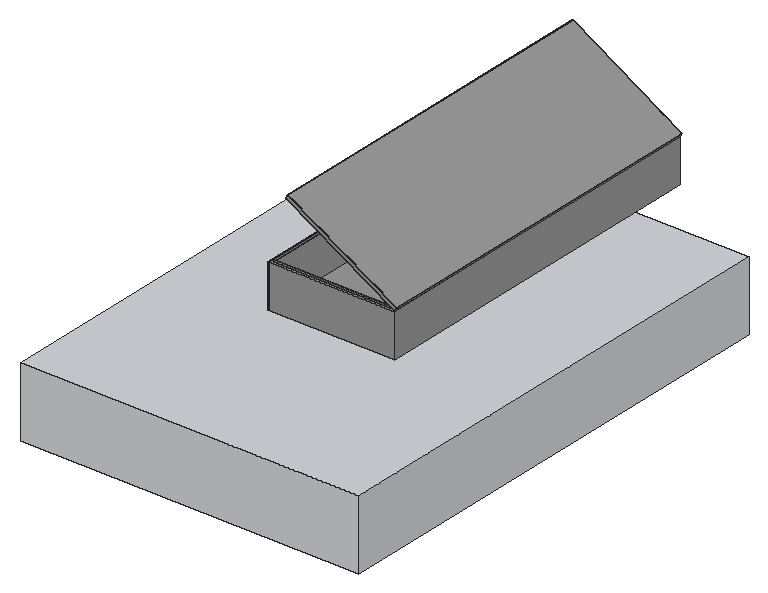
Revit family "Hager-Univers-IP54-D205-H1550-Cl.I-Encl-CH-de", category Equipement électrique, Revit 2020
Family settings
  Hôte = Face
  Configuration du panneau = Deux colonnes, circuits au sein
  Cote de connecteur circulaire = Utiliser le diamètre
  Type d'élément = Tableau de raccordement
  Couper avec des vides une fois chargée = Non
  Partagée = Non
  Point de calcul de pièce = Non
Parameters (values of type "Aufputz IP54 B550 H1550 T205  - FP02TW2")
  Width Control [instance] = if([EF000008 - Breite] > Min Width, [EF000008 - Breite], Min Width)  # 550 mm
  Commentaires du type = [HG000003 - Bereich]  # "Univers"
  Thickness Door [instance] = if([EF009171 - Materialstärke Tür/Deckel] > 3 mm, 3 mm, [EF009171 - Materialstärke Tür/Deckel])  # 1 mm
  Seal Frame Offset [instance] = 17 mm  # constant formula
  Plinth Visibility [instance] = [HG000027 - Sockelhöhe] > 0 mm  # no
  Model = ""
  Min Width [instance] = 100 mm  # constant formula
  Min Height [instance] = 100 mm  # constant formula
  Min Depth [instance] = (2 * [EF009170 - Materialstärke Gehäuse]) + 1 mm  # 3 mm
  Internal Frame Depth [instance] = (Door System Depth * 0.5)  # 9 mm
  Height Control [instance] = if([EF000040 - Höhe] > Min Height, [EF000040 - Höhe], Min Height)  # 1550 mm
  HG000027 - Sockelhöhe = 0 mm
  HG000026 - Stehend auf dem Boden = no
  HG000024 - Höhe des unteren Teils = 800 mm
  HG000023 - Gehäuse mit doppeltem Querschnitt = no
  HG000016 - 3D-Türsichtbarkeit [instance] = yes
  HG000015 - Sichtbarkeit der Türöffnung [instance] = no
  HG000014 - Tür rechts [instance] = yes
  HG000013 - Tür links [instance] = not([HG000014 - Tür rechts])  # no
  HG000012 - Türschwenkwinkel [instance] = 30.00°
  HG000010 - Asymmetrische Türen = no
  HG000009 - Doppelflügeligen Tür = no
  HG000006 - Unterputz = no
  HG000004 - Herstellerreferenz = "FP02TW2"
  HG000003 - Bereich = "Univers"
  HG000002 - Mit tür = yes
  Frame Offset Bottom [instance] = 10 mm  # constant formula
  Frame Offset [instance] = 15 mm  # constant formula
  EF015940 - Deckel mit Überdruckentlastung = no
  EF011959 - Schutzart (NEMA) = ""
  EF009554 - Anzahl der Öffnungen für Flanschplatten = 4
  Fabricant = "Hager"  # constant formula
  EF009212 - Ausführung Deckel = "EV000116 - geschlossen"
  EF009171 - Materialstärke Tür/Deckel = 1 mm
  EF009170 - Materialstärke Gehäuse = 1 mm
  EF008873 - Nennstrom (In) = 250 A
  EF007800 - Geeignet für Blitzschutz = no
  EF006306 - Mit Schloss = no
  EF006244 - Transparenter Deckel/Tür = no
  EF005474 - Schutzart (IP) = "EV006419 - IP54"
  EF004464 - Art der Tür = "EV002646 - Einzel"
  EF004427 - Anzahl der Module = 240
  EF004293 - Schlagfestigkeit = "EV006815 - IK09"
  EF003532 - Geeignet für Außengebrauch = no
  EF002950 - Breite in Teilungseinheiten = 24
  EF001613 - Funktionserhalt = "EV000494 - ohne"
  EF001596 - Werkstoff des Gehäuses = "EV000179 - Stahl"
  EF001131 - Innentiefe = 205 mm
  EF001088 - Anbaumöglichkeit = yes
  EF000437 - Anzahl der Leitungseinführungen = 4
  EF000339 - Art der Abdeckung = "EV001012 - Deckel"
  EF000266 - Anzahl der Reihen = 10
  EF000218 - Einbautiefe = 205 mm
  EF000118 - Mit Montageplatte = no
  EF000116 - RAL-Nummer = "9010"
  EF000049 - Tiefe = 205 mm
  EF000040 - Höhe = 1550 mm
  EF000008 - Breite = 550 mm
  EF000007 - Farbe = "EV000202 - weiß"
  EF000003 - Montageart = "EV000384 - Aufputz"
  Door System Leaf Tolerance [instance] = 1.5 mm  # constant formula
  Door System Depth [instance] = 18 mm  # constant formula
  Door Height [instance] = Height Control - [HG000027 - Sockelhöhe]  # 1550 mm
  Depth Control [instance] = if([EF000049 - Tiefe] > Min Depth, [EF000049 - Tiefe], Min Depth)  # 205 mm
  Default Elevation = 0 mm
  Connector Offset [instance] = Height Control / 2  # 775 mm
  Bottom Top Plate Trim [instance] = 1.5 mm  # constant formula
  Plinth height Ctrl [instance] = if([HG000027 - Sockelhöhe] > 0 mm, [HG000027 - Sockelhöhe], 12 mm)  # 12 mm
Types (2, lengths in mm): name | Width Control | HG000004 - Herstellerreferenz | EF009554 - Anzahl der Öffnungen für Flanschplatten | EF004427 - Anzahl der Module | EF002950 - Breite in Teilungseinheiten | EF000437 - Anzahl der Leitungseinführungen | EF000008 - Breite
  Aufputz IP54 B300 H1550 T205  - FP01TW2 | 300 | "FP01TW2" | 2 | 120 | 12 | 2 | 300
  Aufputz IP54 B550 H1550 T205  - FP02TW2 | 550 | "FP02TW2" | 4 | 240 | 24 | 4 | 550
Reference planes
  plane 1 "Center (Front/Back)": y = 0
  plane 2: z = 0
  plane 3 "Center (Left/Right)": x = 0
  plane 4: z = 205
  plane 5: y = 1
  plane 6: y = 775
  plane 7: y = 0
  plane 8: y = 1550
  plane 9: z = 0
  plane 10: x = -260
  plane 11: x = 260
  plane 12: x = 259
  plane 13: x = -259
  plane 14: y = 1549
  plane 15: x = -258
  plane 16: x = -275
  plane 17: x = 258
  plane 18: x = 275
  plane 19: x = 274
  plane 20: x = -274
  plane 21: y = 11
  plane 22: y = 1550
  plane 23: y = 1534
  plane 24: z = 187
  plane 25: z = 1
  plane 26: z = 186
  plane 27: z = 204
Forms (mm)
  Extrusion 1, solid
    sketch origin (0, 0, 0) x (1, 0, 0) y (0, 1, 0)
      loop
        line (-702.964, 1305) -> (-702.964, -811.445) -> (766.763, -811.445) -> (766.763, 1305) -> (-702.964, 1305)
    from 0 to -304.8
  Extrusion 2, solid, material "Hager_Steel_RAL7035_Light_Grey", visible <- "Plinth Visibility", detail levels medium+fine
    sketch origin (0, 0, 0) x (1, 0, 0) y (0, 1, 0)
      loop
        line (-275, 0) -> (275, 0) -> (275, 12) -> (-275, 12) -> (-275, 0)
    from 0 to 187
  Extrusion 3, solid, material "Hager_Steel_RAL7035_Light_Grey", detail levels medium+fine
    sketch origin (0, 0, 0) x (1, 0, 0) y (0, 1, 0)
      loop
        line (-275, 0) -> (275, 0) -> (275, 1550) -> (-275, 1550) -> (-275, 0)
    from 0 to 187
  Extrusion 4, void
    sketch origin (0, 0, 0) x (1, 0, 0) y (0, 1, 0)
      loop
        line (-274, 1) -> (274, 1) -> (274, 1549) -> (-274, 1549) -> (-274, 1)
    from 1 to 186
  Extrusion 5, void
    sketch origin (-381.607, -4572, 187) x (0, -1, 0) y (-1, 0, 0)
      loop
        line (-4583, -122.607) -> (-6106, -122.607) -> (-6106, -640.607) -> (-4583, -640.607) -> (-4583, -122.607)
    from 0 to 1 <- "EF009170 - Materialstärke Gehäuse"
  Extrusion 6, solid, material "Hager_Steel_RAL7035_Light_Grey", detail levels fine
    sketch origin (0, 0, 187) x (1, 0, 0) y (0, 1, 0)
      loop
        line (-259, 1534) -> (-259, 11) -> (259, 11) -> (259, 1534) -> (-259, 1534)
      loop
        line (-260, 10) -> (260, 10) -> (260, 1535) -> (-260, 1535) -> (-260, 10)
    from 0 to 9 <- "Internal Frame Depth"
  Extrusion 7, solid, material "Hager_Steel_RAL7035_Light_Grey", detail levels coarse
    sketch origin (0, 0, 0) x (1, 0, 0) y (0, 1, 0)
      loop
        line (-275, 0) -> (275, 0) -> (275, 1550) -> (-275, 1550) -> (-275, 0)
    from 0 to 205
  Sweep 8, void
    path in 3D
      loop
        line (-275, 12, 0) -> (275, 12, 0) -> (275, 12, 187) -> (-275, 12, 187) -> (-275, 12, 0)
    profile origin (-275, 12, 93.5) x (-1, 0, 0) y (0, -1, 0)
      loop
        line (0, 0) -> (0, 1.5) -> (-1.5, 1.5)
        arc (-1.5, 1.5) -> (-1.061, 0.439) -> (0, 0) r 1.5
Cuts and joins
  Extrusion 4, Extrusion 5 cuts Extrusion 3
  Sweep 8 cuts Extrusion 2
Lines and regions (mm)
  Masking region 1
    outline origin (0, 0, 0) x (1, 0, 0) y (0, 0, 1)
      loop
        line (-275, 205) -> (-275, 0) -> (275, 0) -> (275, 205) -> (-275, 205)
  Masking region 2, detail levels medium+fine
    outline origin (0, 140, 0) x (0, 1, 0) y (0, 0, 1)
      loop
        line (-140, 0) -> (1410, 0) -> (1410, 187) -> (-140, 187) -> (-140, 0)
  Masking region 3, not visible, detail levels medium+fine
    outline origin (0, 297.922, 0) x (0, 1, 0) y (0, 0, 1)
      loop
        line (488.578, 0) -> (528.578, 0) -> (528.578, 194)
        arc (528.578, 194) -> (525.649, 201.071) -> (518.578, 204) r 10
        line (518.578, 204) -> (488.578, 204) -> (488.578, 0)
  Masking region 4, detail levels coarse
    outline origin (0, 0, 180) x (0, 1, 0) y (0, 0, 1)
      loop
        line (0, -180) -> (1550, -180) -> (1550, 25) -> (0, 25) -> (0, -180)
  Masking region 5, visible <- "Plinth Visibility", detail levels medium+fine
    outline origin (0, 52.24, 12.345) x (0, 0, -1) y (0, 1, 0)
      loop
        line (10.845, -40.24) -> (-173.155, -40.24)
        arc (-173.155, -40.24) -> (-173.594, -41.301) -> (-174.655, -41.74) r 1.5
        line (-174.655, -41.74) -> (-174.655, -52.24) -> (12.345, -52.24) -> (12.345, -41.74)
        arc (12.345, -41.74) -> (11.285, -41.301) -> (10.845, -40.24) r 1.5
  Masking region 6, detail levels medium+fine
    outline origin (-381.607, -4572, 187) x (-1, 0, 0) y (0, -1, 0)
      loop
        line (-106.607, -6122) -> (-106.607, -4572) -> (-656.607, -4572) -> (-656.607, -6122) -> (-106.607, -6122)
  Masking region 7, visible <- "Plinth Visibility", detail levels medium+fine
    outline origin (-381.607, -4727, 187) x (-1, 0, 0) y (0, -1, 0)
      loop
        arc (-108.107, -4739) -> (-107.668, -4737.939) -> (-106.607, -4737.5) r 1.5
        line (-106.607, -4737.5) -> (-106.607, -4727) -> (-656.607, -4727) -> (-656.607, -4737.5)
        arc (-656.607, -4737.5) -> (-655.546, -4737.939) -> (-655.107, -4739) r 1.5
        line (-655.107, -4739) -> (-108.107, -4739)
  Masking region 8, detail levels coarse
    outline origin (-442.548, -4669.526, 187) x (-1, 0, 0) y (0, -1, 0)
      loop
        line (-167.548, -6219.526) -> (-167.548, -4669.526) -> (-717.548, -4669.526) -> (-717.548, -6219.526) -> (-167.548, -6219.526)
  sketch lines
    curve 1: line (-275, 12, 187) -> (-275, 12, 0)
    curve 2: line (275, 12, 187) -> (-275, 12, 187)
    curve 3: line (275, 12, 187) -> (275, 12, 0)
    curve 4: line (-275, 12, 0) -> (275, 12, 0)
Dimensions and locks
  "Depth Control": plane 4 to Extrusion 1
  "HG000027 - Sockelhöhe": plane 1 "Center (Front/Back)" to plane 7
  "EF009170 - Materialstärke Gehäuse": plane 5 to plane 7
  locked: connector elem to plane 3 "Center (Left/Right)"
  equal spacing: plane 8, plane 6, plane 7
  locked: connector elem to plane 6
  "EF009170 - Materialstärke Gehäuse": plane 8 to plane 14
  "EF009170 - Materialstärke Gehäuse": plane 10 to plane 13
  "EF009170 - Materialstärke Gehäuse": plane 12 to plane 11
  "Frame Offset": plane 20 to plane 13
  "Frame Offset": plane 12 to plane 19
  "EF009170 - Materialstärke Gehäuse": plane 16 to plane 20
  "EF009170 - Materialstärke Gehäuse": plane 19 to plane 18
  "Seal Frame Offset": plane 16 to plane 15
  "Seal Frame Offset": plane 17 to plane 18
  "Frame Offset Bottom": plane 21 to plane 5
  "Frame Offset": plane 14 to plane 23
  equal spacing: plane 16, plane 3 "Center (Left/Right)", plane 18
  "Width Control": plane 16 to plane 18
  "EF009170 - Materialstärke Gehäuse": plane 4 to plane 27
  "EF009170 - Materialstärke Gehäuse": plane 24 to plane 26
  "EF009170 - Materialstärke Gehäuse": plane 25 to level
  "Door System Depth": plane 4 to plane 24
  "Height Control": plane 1 "Center (Front/Back)" to Extrusion 7 sketch curve
  "Height Control": Masking region 4 sketch curve to plane 1 "Center (Front/Back)"
  "Height Control": plane 1 "Center (Front/Back)" to plane 22
  "Bottom Top Plate Trim": profile plane to Sweep 8 sketch curve
  "Bottom Top Plate Trim": Sweep 8 sketch curve to profile plane
  "Plinth height Ctrl": plane 1 "Center (Front/Back)" to Extrusion 2 sketch curve
  "Plinth height Ctrl": Masking region 5 sketch curve to plane 1 "Center (Front/Back)"
  "Plinth height Ctrl": plane 1 "Center (Front/Back)" to Masking region 7 sketch curve
  "Thickness Door": Extrusion 6 sketch curve to Extrusion 6 sketch curve  (x3)
  "Thickness Door": cut or joined group of Extrusion 3, Extrusion 4, Extrusion 5 to Extrusion 6 sketch curve
  radius of Masking region 3 sketch curve = 10 mm
  "Bottom Top Plate Trim": radius of Masking region 5 sketch curve  (x2)
  "Bottom Top Plate Trim": radius of Sweep 8 sketch curve
  "Bottom Top Plate Trim": radius of Masking region 7 sketch curve  (x2)
  aligned and locked: plane 2 to Extrusion 1
  aligned and locked: level to Extrusion 1
  aligned and locked: level to Masking region 1 sketch curve
  aligned and locked: Masking region 1 sketch curve to plane 18
  aligned and locked: Masking region 1 sketch curve to plane 16
  aligned and locked: plane 7 to Masking region 2 sketch curve
  aligned and locked: level to Masking region 3 sketch curve
  aligned and locked: Masking region 3 sketch curve to plane 27
  aligned and locked: level to Masking region 2 sketch curve
  aligned and locked: plane 1 "Center (Front/Back)" to Extrusion 2 sketch curve
  aligned and locked: Extrusion 3 sketch curve to plane 7
  aligned and locked: plane 16 to Extrusion 3 sketch curve
  aligned and locked: plane 18 to Extrusion 3 sketch curve
  aligned and locked: plane 20 to Extrusion 4 sketch curve
  aligned and locked: plane 19 to Extrusion 4 sketch curve
  aligned and locked: Extrusion 4 sketch curve to plane 5
  aligned and locked: Extrusion 4 to plane 25
  aligned and locked: plane 26 to Extrusion 4
  aligned and locked: plane 24 to Extrusion 3
  aligned and locked: Extrusion 5 sketch curve to plane 21
  aligned and locked: Extrusion 5 sketch curve to plane 13
  aligned and locked: Extrusion 5 sketch curve to plane 12
  aligned and locked: plane 18 to Extrusion 7 sketch curve
  aligned and locked: plane 1 "Center (Front/Back)" to Extrusion 7 sketch curve
  aligned and locked: plane 16 to Extrusion 7 sketch curve
  aligned and locked: plane 4 to Extrusion 7
  aligned and locked: Extrusion 7 to level
  aligned and locked: level to Masking region 4 sketch curve
  aligned and locked: Masking region 4 sketch curve to plane 1 "Center (Front/Back)"
  aligned and locked: Masking region 4 sketch curve to plane 4
  aligned and locked: nested 1 to level
  aligned and locked: nested 1 to plane 16
  aligned and locked: plane 8 to Extrusion 3 sketch curve
  aligned and locked: plane 23 to Extrusion 5 sketch curve
  aligned and locked: plane 14 to Extrusion 4 sketch curve
  aligned and locked: Masking region 2 sketch curve to plane 8
  aligned and locked: level to Masking region 5 sketch curve
  aligned and locked: plane 16 to Extrusion 2 sketch curve
  aligned and locked: plane 18 to Extrusion 2 sketch curve
  aligned and locked: Masking region 5 sketch curve to plane 24
  aligned and locked: Masking region 2 sketch curve to plane 24
  aligned and locked: plane 24 to Extrusion 2
  aligned and locked: profile plane to Sweep 8 sketch curve  (x2)
  aligned and locked: Masking region 6 sketch curve to plane 18
  aligned and locked: Masking region 6 sketch curve to plane 22
  aligned and locked: Masking region 6 sketch curve to plane 16
  aligned and locked: plane 8 to plane 22
  aligned and locked: plane 7 to Masking region 6 sketch curve
  aligned and locked: Masking region 7 sketch curve to plane 16
  aligned and locked: Masking region 7 sketch curve to plane 1 "Center (Front/Back)"
  aligned and locked: Masking region 7 sketch curve to plane 18
  aligned and locked: Masking region 8 sketch curve to plane 1 "Center (Front/Back)"
  aligned and locked: Masking region 8 sketch curve to plane 18
  aligned and locked: Masking region 8 sketch curve to plane 22
  aligned and locked: Masking region 8 sketch curve to plane 16
  aligned and locked: nested 2 to plane 7
  aligned and locked: plane 3 "Center (Left/Right)" to nested 2
  aligned and locked: nested 2 to plane 24
  aligned and locked: Extrusion 6 sketch curve to cut or joined group of Extrusion 3, Extrusion 4, Extrusion 5  (x4)
Automatic sketch dimensions
  Extrusion 1 sketch curve to Extrusion 1 sketch curve = 1469.727 mm
  Extrusion 1 sketch curve to Extrusion 1 sketch curve = 2116.445 mm
  Masking region 1 sketch curve to plane 4 = 0 mm
  plane 6 to Masking region 3 sketch curve = 11.5 mm
  Masking region 3 sketch curve to Masking region 3 sketch curve = 30 mm
  Masking region 5 sketch curve to plane 1 "Center (Front/Back)" = 0 mm
Nested families
  nested 1: "Hager_Enclosure_Symbol" at (-275, 0, 0) x (1, 0, 0) z (0, -1, 0), Height <- "Depth Control", Width <- "Width Control", type "Hager_Enclosure_Symbol"
    with Width_Ctrl 550 mm, Width 550 mm, Height_Ctrl 205 mm, Height 205 mm, A_Width_Int 13.453 mm, A_Width 161.438 mm, A_Height_Ctrl 179.375 mm, A_Height 179.375 mm
  nested 2: "EC000058_Univers_Door" at (0, 0, 187) x (1, 0, 0) z (0, 1, 0), Leaf_Tolerance <- "Door System Leaf Tolerance", Angle <- "HG000012 - Türschwenkwinkel", Door_Depth <- "Door System Depth", Door_Left <- "HG000013 - Tür links", Transparent <- "EF006244 - Transparenter Deckel/Tür", Assymetrical <- "HG000010 - Asymmetrische Türen", Width <- "Width Control", Clearance <- "HG000015 - Sichtbarkeit der Türöffnung", Double <- "HG000009 - Doppelflügeligen Tür", 3d_Door <- "HG000016 - 3D-Türsichtbarkeit", Lock_Visibility <- "EF006306 - Mit Schloss", Width_Ctrl <- "Width Control", Door_Right <- "HG000014 - Tür rechts", Door <- "HG000002 - Mit tür", Height <- "Door Height", Thickness <- "Thickness Door", type "EC000058_Univers_Door", detail levels medium+fine
    with min_wh 3 mm, Width_Ctrl 550 mm, Width 550 mm, Transparent no, Thickness 1 mm, Seal_Material Hager_Rubber, Lock_Visibility no, Lock_Material Hager_Plastic_RAL9005_Jet_Black, Leaf_Width 550 mm, Leaf_Tolerance_External_Sides 0 mm, Leaf_Tolerance 1.5 mm, Leaf_Offset 0 mm, Leaf_Height 1547 mm, Leaf_2_Width 550 mm, Leaf_2_Offset 275 mm, Leaf_1_Width 550 mm, Leaf_1_Offset 275 mm, Height_Ctrl 1550 mm, Height 1550 mm, Glass_Material Hager_Glass, Double_Clearance_Ctrl no, Double no, Door_Right_Ctrl yes, Door_Right yes, Door_Material Hager_Steel_RAL7035_Light_Grey, Door_Left_Ctrl no, Door_Left no, Door_Depth 18 mm, Door yes, Clearance_Material Hager_Clearance, Clearance_Depth 550 mm, Clearance_Ctrl no, Clearance no, Assymetrical no, Angle 30.00°, 3d_Door yes
Connectors
  electrical at (0, 775, 0)
    settings: on plane 9, index 1, voltage 0 V, apparent load 0 VA, apparent load phase1 0 VA, apparent load phase2 0 VA, apparent load phase3 0 VA, power factor 1, load classification "Other", number of poles 1, system type 30, power factor state 1, is connector primary yes, connector utility no, sub classification motor no, connector description ""
Definition of nested family "EC000058_Univers_Door"
  Parameters (values of type "EC000058_Univers_Door")
    min_wh [instance] = (2 * Thickness) + 1 mm  # 11 mm
    Width_Ctrl [instance] = 400 mm
    Width [instance] = 500 mm
    Transparent [instance] = yes
    Thickness [instance] = 5 mm
    Seal_Material [instance] = none
    Lock_Visibility [instance] = yes
    Lock_Material [instance] = none
    Leaf_Width [instance] = if((Width_Ctrl - 2 * Leaf_Tolerance_External_Sides) > 0 mm, (Width_Ctrl - 2 * Leaf_Tolerance_External_Sides), min_wh)  # 400 mm
    Leaf_Tolerance_External_Sides [instance] = 0 mm  # constant formula
    Leaf_Tolerance [instance] = 1.5 mm
    Leaf_Offset [instance] = 0 mm  # constant formula
    Leaf_Height [instance] = if((Height_Ctrl - 2 * Leaf_Tolerance) > 0 mm, (Height_Ctrl - 2 * Leaf_Tolerance), min_wh)  # 497 mm
    Leaf_2_Width [instance] = if(and(and(Double, Assymetrical), Door_Left), (Leaf_Width / 3) - (Leaf_Tolerance / 2), if(and(and(Double, Assymetrical), Door_Right), (Leaf_Width / 3) * 2 - (Leaf_Tolerance / 2), if(and(Double, not(Assymetrical)), (Leaf_Width / 2) - Leaf_Tolerance, Leaf_Width)))  # 400 mm
    Leaf_2_Offset [instance] = if(and(Double, Assymetrical), Leaf_2_Width / 2, if(and(Double, not(Assymetrical)), Leaf_Width / 4, Leaf_Width / 2))  # 200 mm
    Leaf_1_Width [instance] = if(and(and(Double, Assymetrical), Door_Right), (Leaf_Width / 3) - (Leaf_Tolerance / 2), if(and(and(Double, Assymetrical), Door_Left), (Width / 3) * 2 - (Leaf_Tolerance / 2), if(and(Double, not(Assymetrical)), (Leaf_Width / 2) - Leaf_Tolerance, Leaf_Width)))  # 400 mm
    Leaf_1_Offset [instance] = if(and(Double, Assymetrical), Leaf_1_Width / 2, if(and(Double, not(Assymetrical)), Leaf_Width / 4, Leaf_Width / 2))  # 200 mm
    Height_Ctrl [instance] = if(Height > min_wh, Height, min_wh)  # 500 mm
    Height [instance] = 500 mm
    Glass_Material [instance] = none
    Double_Clearance_Ctrl [instance] = and(Double, Clearance)  # no
    Double [instance] = no
    Door_Right_Ctrl [instance] = and(or(Door_Right, Double), Door)  # yes
    Door_Right [instance] = yes
    Door_Material [instance] = none
    Door_Left_Ctrl [instance] = and(or(Door_Left, Double), Door)  # no
    Door_Left [instance] = no
    Door_Depth [instance] = 30 mm
    Door [instance] = yes
    Default Elevation = 1219.2 mm
    Clearance_Material [instance] = none
    Clearance_Depth [instance] = if(Leaf_1_Width > Leaf_2_Width, Leaf_1_Width, Leaf_2_Width)  # 400 mm
    Clearance_Ctrl [instance] = and(not(Double), Clearance)  # yes
    Clearance [instance] = yes
    Assymetrical [instance] = yes
    Angle [instance] = 30.00°
    3d_Door [instance] = yes
  Reference planes
    plane 1 "Center (Front/Back)": y = 0
    plane 2 "Bottom": z = 0
    plane 3 "Center (Left/Right)": x = 0
    plane 4: z = 500
    plane 5: x = -200
    plane 6: x = 200
    plane 7: z = 500
    plane 8: x = -200
    plane 9: z = 0
    plane 10: x = 200
    plane 11: y = 0
    plane 12: z = 1.5
    plane 13: x = -600
    plane 14: y = -400
    plane 15: x = 600
    plane 16: x = 0
    plane 17: x = 0
    plane 18: x = -200
    plane 19: x = 200
    plane 20: z = 498.5
  Forms (mm)
    Extrusion 1, solid, material <- "Clearance_Material", visible <- "Double_Clearance_Ctrl"
      sketch origin (1200, 0, 0) x (1, 0, 0) y (0, 0, -1)
        loop
          line (-1800, -498.5) -> (-600, -498.5) -> (-600, 0) -> (-1800, 0) -> (-1800, -498.5)
      from 0 to -400
  Dimensions and locks
    equal spacing: plane 5, plane 3 "Center (Left/Right)", plane 6
    "Width_Ctrl": plane 5 to plane 6
    "Leaf_Offset": plane 5 to plane 8
    "Leaf_Offset": plane 6 to plane 10
    "Leaf_Offset": plane 9 to level
    "Leaf_Offset": plane 4 to plane 7
    "Height_Ctrl": plane 4 to level
    "Leaf_Tolerance": plane 12 to plane 9
    locked: plane 11 to plane 1 "Center (Front/Back)"
    "Leaf_1_Offset": plane 18 to plane 16
    "Leaf_2_Offset": plane 17 to plane 19
    "Leaf_1_Width": plane 13 to plane 8
    "Leaf_2_Width": plane 10 to plane 15
    "Clearance_Depth": plane 14 to plane 1 "Center (Front/Back)"
    "Leaf_Tolerance_External_Sides": plane 8 to plane 18
    "Leaf_Tolerance_External_Sides": plane 19 to plane 10
    "Leaf_Tolerance": plane 7 to plane 20
    aligned and locked: level to plane 2 "Bottom"
    aligned and locked: nested 1 to plane 16
    aligned and locked: nested 2 to plane 17
    aligned and locked: Extrusion 1 to plane 13
    aligned and locked: plane 15 to Extrusion 1
    aligned and locked: Extrusion 1 to plane 14
    aligned and locked: plane 12 to nested 1
    aligned and locked: nested 2 to plane 12
    aligned and locked: Extrusion 1 to plane 11
    aligned and locked: plane 20 to Extrusion 1
    aligned and locked: nested 2 to plane 11
    aligned and locked: nested 1 to plane 11
  Automatic sketch dimensions
    Extrusion 1 sketch curve to level = 0 mm
    plane 5 to Extrusion 1 sketch curve = 400 mm
    plane 6 to Extrusion 1 sketch curve = 400 mm
    Extrusion 1 sketch curve to plane 4 = 1.5 mm
  Nested families
    nested 1: "EC000058_Univers_Door_Leaf" at (0, 0, 1.5), Width <- "Leaf_1_Width", visible <- "Door_Left_Ctrl", Leaf_Height <- "Leaf_Height", Angle <- "Angle", 3d_Door <- "3d_Door", Transparent <- "Transparent", Clearance Material <- "Clearance_Material", Clearance <- "Clearance_Ctrl", Door_Material <- "Door_Material", Glass_Material <- "Glass_Material", Door_Depth <- "Door_Depth", Lock_Material <- "Lock_Material", Seal_Material <- "Seal_Material", Lock_Visibility <- "Lock_Visibility", Thickness <- "Thickness", type "EC000058_Univers_Door_Leaf"
      with Width 400 mm, Transparent_Glass_Offset 30 mm, Transparent_Ctrl yes, Transparent yes, Thickness 5 mm, Standard no, Seal_Material none, Seal_D2 8 mm, Seal_D1 1 mm, Offset_Internal_Frame 10 mm, Lock_Width 20 mm, Lock_Visibility_3d yes, Lock_Visibility yes, Lock_Thickness_3 3 mm, Lock_Thickness_2 1 mm, Lock_Thickness_1 3 mm, Lock_Radius_Offset_2 16 mm, Lock_Radius_Offset_1 15 mm, Lock_Radius_2 5 mm, Lock_Radius 6 mm, Lock_Offset 5 mm, Lock_Material none, Lock_Height 80 mm, Lock_Cover_Top_Offset_2d 17 mm, Lock_Cover_Height -65 mm, Leaf_Height 497 mm, Internal_Seal_Thickness 8 mm, Internal_Seal_Depth_2 4.5 mm, Internal_Frame_Depth 25 mm, Glass_Thickness -1 mm, Glass_Offset -2 mm, Glass_Material none, Door_Material none, Door_Depth 30 mm, Clearance Material none, Clearance yes, Angle_Ctrl 30.00°, Angle 30.00°, 3d_Door yes
    nested 2: "EC000058_Univers_Door_Leaf" at (0, 0, 1.5) x (-1, 0, 0) z (0, 0, 1), Width <- "Leaf_2_Width", visible <- "Door_Right_Ctrl", Leaf_Height <- "Leaf_Height", Angle <- "Angle", 3d_Door <- "3d_Door", Transparent <- "Transparent", Clearance Material <- "Clearance_Material", Clearance <- "Clearance_Ctrl", Door_Material <- "Door_Material", Glass_Material <- "Glass_Material", Door_Depth <- "Door_Depth", Lock_Material <- "Lock_Material", Seal_Material <- "Seal_Material", Lock_Visibility <- "Lock_Visibility", Thickness <- "Thickness", type "EC000058_Univers_Door_Leaf"
      with Width 400 mm, Transparent_Glass_Offset 30 mm, Transparent_Ctrl yes, Transparent yes, Thickness 5 mm, Standard no, Seal_Material none, Seal_D2 8 mm, Seal_D1 1 mm, Offset_Internal_Frame 10 mm, Lock_Width 20 mm, Lock_Visibility_3d yes, Lock_Visibility yes, Lock_Thickness_3 3 mm, Lock_Thickness_2 1 mm, Lock_Thickness_1 3 mm, Lock_Radius_Offset_2 16 mm, Lock_Radius_Offset_1 15 mm, Lock_Radius_2 5 mm, Lock_Radius 6 mm, Lock_Offset 5 mm, Lock_Material none, Lock_Height 80 mm, Lock_Cover_Top_Offset_2d 17 mm, Lock_Cover_Height -65 mm, Leaf_Height 497 mm, Internal_Seal_Thickness 8 mm, Internal_Seal_Depth_2 4.5 mm, Internal_Frame_Depth 25 mm, Glass_Thickness -1 mm, Glass_Offset -2 mm, Glass_Material none, Door_Material none, Door_Depth 30 mm, Clearance Material none, Clearance yes, Angle_Ctrl 30.00°, Angle 30.00°, 3d_Door yes
  Definition of nested family "EC000058_Univers_Door_Leaf"
    Parameters (values of type "EC000058_Univers_Door_Leaf")
      Width [instance] = 2000 mm
      Transparent_Glass_Offset [instance] = 30 mm
      Transparent_Ctrl [instance] = and(Transparent, [3d_Door])  # yes
      Transparent [instance] = yes
      Thickness [instance] = 5 mm
      Standard [instance] = and(not(Transparent), [3d_Door])  # no
      Seal_Material [instance] = none
      Seal_D2 [instance] = 8 mm  # constant formula
      Seal_D1 [instance] = 1 mm  # constant formula
      Offset_Internal_Frame [instance] = 10 mm  # constant formula
      Lock_Width [instance] = 20 mm  # constant formula
      Lock_Visibility_3d [instance] = and(Lock_Visibility, [3d_Door])  # yes
      Lock_Visibility [instance] = yes
      Lock_Thickness_3 [instance] = 3 mm  # constant formula
      Lock_Thickness_2 [instance] = 1 mm  # constant formula
      Lock_Thickness_1 [instance] = 3 mm  # constant formula
      Lock_Radius_Offset_2 [instance] = Lock_Radius_Offset_1 + 1 mm  # 16 mm
      Lock_Radius_Offset_1 [instance] = 15 mm  # constant formula
      Lock_Radius_2 [instance] = Lock_Radius - 1 mm  # 5 mm
      Lock_Radius [instance] = 6 mm  # constant formula
      Lock_Offset [instance] = 5 mm  # constant formula
      Lock_Material [instance] = none
      Lock_Height [instance] = 80 mm  # constant formula
      Lock_Cover_Top_Offset_2d [instance] = Lock_Radius_Offset_2 + 1 mm  # 17 mm
      Lock_Cover_Height [instance] = -(Lock_Height - Lock_Radius_Offset_1)  # -65 mm
      Leaf_Height [instance] = 2720.336 mm
      Internal_Seal_Thickness [instance] = 8 mm  # constant formula
      Internal_Seal_Depth_2 [instance] = 4.5 mm  # constant formula
      Internal_Frame_Depth [instance] = if(Door_Depth - Thickness > 5 mm, Door_Depth - Thickness, 5 mm)  # 25 mm
      Glass_Thickness [instance] = if(Thickness > 15 mm, Glass_Offset + 10 mm, -1 mm)  # -1 mm
      Glass_Offset [instance] = if(Thickness > 15 mm, -(Thickness + 10 mm) / 2, -2 mm)  # -2 mm
      Glass_Material [instance] = none
      Door_Material [instance] = none
      Door_Depth [instance] = 30 mm
      Default Elevation = 0 mm
      Clearance Material [instance] = none
      Clearance [instance] = yes
      Angle_Ctrl [instance] = if(Angle > 180.00°, 180.00°, Angle)  # 90.00°
      Angle [instance] = 90.00°
      3d_Door [instance] = yes
    Reference planes
      plane 1 "Center (Front/Back)": y = 0
      plane 2: z = 0
      plane 3 "Center (Left/Right)": x = 0
      plane 4: y = 2000
      plane 5: x = -1000
      plane 6: x = 1000
      plane 7: x = -3000
      plane 8: z = 2720.336
      plane 9: z = 30
      plane 10: z = 2690.336
      plane 11: x = 970
      plane 12: x = -970
      plane 13: y = -3
      plane 14: z = 107.833
      plane 15: y = -5
      plane 16: y = -223.314
      plane 17: x = -1000
      plane 18: z = 1360.168
      plane 19: y = 30
    Forms (mm)
      Extrusion 1, solid, material <- "Clearance Material", visible <- "Clearance"
        sketch origin (0, 0, 0) x (1, 0, 0) y (0, 0, 1)
          loop
            line (-3000, 2720.336) -> (-3000, 0) -> (1000, 0) -> (1000, 2720.336) -> (-3000, 2720.336)
        from 0 to -2000
      Extrusion 2, solid, material <- "Door_Material", visible <- "Standard", detail levels medium+fine
        sketch origin (-1000, 0, 0) x (0, 1, 0) y (-1, 0, 0)
          loop
            line (0, 30) -> (0, 25) -> (2000, 25) -> (2000, 30) -> (0, 30)
        from 0 to 2720.336 <- "Leaf_Height"
      Extrusion 3, solid, material <- "Door_Material", visible <- "Transparent_Ctrl", detail levels medium+fine
        sketch origin (-1000, 0, 0) x (0, 1, 0) y (-1, 0, 0)
          loop
            line (0, 25) -> (2000, 25) -> (2000, 30) -> (0, 30) -> (0, 25)
        from 0 to 2720.336 <- "Leaf_Height"
      Extrusion 4, void
        sketch origin (-1025, 2000, 0) x (0, 1, 0) y (0, 0, -1)
          loop
            line (-30, -2690.336) -> (-30, -30) -> (-1970, -30) -> (-1970, -2690.336) -> (-30, -2690.336)
        from 0 to 5 <- "Thickness"
      Sweep 5, solid, material <- "Seal_Material", visible <- "Transparent_Ctrl", detail levels fine
        path in 3D
          loop
            line (-1025, 30, 30) -> (-1025, 30, 2690.336) -> (-1025, 1970, 2690.336) -> (-1025, 1970, 30) -> (-1025, 30, 30)
        profile origin (-1025, 1000, 30) x (1, 0, 0) y (0, 0, 1)
          loop
            line (0, 0) -> (0, -8) -> (1, -8) -> (1, 0) -> (0, 0)
      Extrusion 6, solid, material <- "Glass_Material", visible <- "Transparent_Ctrl", detail levels medium+fine
        sketch origin (-1030, 0, 0) x (0, 1, 0) y (0, 0, -1)
          loop
            line (1970, -2690.336) -> (1970, -30) -> (30, -30) -> (30, -2690.336) -> (1970, -2690.336)
        from -2 <- "Glass_Offset" to -1 <- "Glass_Thickness"
      Extrusion 7, solid, material <- "Door_Material", visible <- "3d_Door", detail levels medium+fine
        sketch origin (-1025, 2000, 0) x (0, -1, 0) y (0, 0, -1)
          loop
            line (0, -2720.336) -> (2000, -2720.336) -> (2000, 0) -> (0, 0) -> (0, -2720.336)
          loop
            line (1995, -5) -> (5, -5) -> (5, -2715.336) -> (1995, -2715.336) -> (1995, -5)
        from 0 to 25 <- "Internal_Frame_Depth"
      Sweep 8, solid, material <- "Seal_Material", visible <- "Transparent_Ctrl", detail levels fine
        path in 3D
          loop
            line (-1025, 0, 0) -> (-1025, 2000, 0) -> (-1025, 2000, 2720.336) -> (-1025, 0, 2720.336) -> (-1025, 0, 0)
        profile origin (-1025, 0, 1360.168) x (1, 0, 0) y (0, 1, 0)
          loop
            line (0, 10) -> (2.975, 10)
            arc (2.975, 10) -> (4.053, 10.447) -> (4.5, 11.525) r 1.525
            line (4.5, 11.525) -> (4.5, 16.527)
            arc (4.5, 16.527) -> (4.069, 17.569) -> (3.027, 18) r 1.473
            line (3.027, 18) -> (0, 18) -> (0, 10)
      Extrusion 9, solid, material <- "Lock_Material", visible <- "Lock_Visibility_3d", detail levels fine
        sketch origin (-1030, 0, 0) x (0, 1, 0) y (0, 0, -1)
          loop
            arc (1993.5, -1400.168) -> (1994.561, -1399.729) -> (1995, -1398.668) r 1.5
            line (1995, -1398.668) -> (1995, -1320.168) -> (1975, -1320.168) -> (1975, -1398.668)
            arc (1975, -1398.668) -> (1975.439, -1399.729) -> (1976.5, -1400.168) r 1.5
            line (1976.5, -1400.168) -> (1993.5, -1400.168)
        from 3 <- "Lock_Thickness_1" to 0
      Blend 10, solid, material <- "Lock_Material", visible <- "Lock_Visibility_3d", detail levels fine
        base sketch origin (-1033, 0, 0) x (0, 1, 0) y (0, 0, -1)
          loop
            line (1975, -1320.168) -> (1975, -1398.668)
            arc (1975, -1398.668) -> (1975.439, -1399.729) -> (1976.5, -1400.168) r 1.5
            line (1976.5, -1400.168) -> (1993.5, -1400.168)
            arc (1993.5, -1400.168) -> (1994.561, -1399.729) -> (1995, -1398.668) r 1.5
            line (1995, -1398.668) -> (1995, -1320.168) -> (1975, -1320.168)
        top sketch origin (-1033, 0, 0) x (0, 1, 0) y (0, 0, -1)
          loop
            line (1976, -1320.168) -> (1976, -1398.668)
            arc (1976, -1398.668) -> (1976.146, -1399.022) -> (1976.5, -1399.168) r 0.5
            line (1976.5, -1399.168) -> (1993.5, -1399.168)
            arc (1993.5, -1399.168) -> (1993.854, -1399.022) -> (1994, -1398.668) r 0.5
            line (1994, -1398.668) -> (1994, -1320.168) -> (1976, -1320.168)
        from 0 to 1 <- "Lock_Thickness_2"
      Blend 11, solid, material <- "Lock_Material", visible <- "Lock_Visibility_3d", detail levels fine
        base sketch origin (-1034, 0, 0) x (0, 1, 0) y (0, 0, -1)
          loop
            line (1978, -1320.168) -> (1978, -1384.168)
            arc (1978, -1384.168) -> (1985, -1391.168) -> (1992, -1384.168) r 7
            line (1992, -1384.168) -> (1992, -1320.168) -> (1978, -1320.168)
        top sketch origin (-1034, 0, 0) x (0, 1, 0) y (0, 0, -1)
          loop
            line (1991, -1320.168) -> (1979, -1320.168) -> (1979, -1383.168)
            arc (1979, -1383.168) -> (1985, -1389.168) -> (1991, -1383.168) r 6
            line (1991, -1383.168) -> (1991, -1320.168)
        from 0 to 3 <- "Lock_Thickness_3"
      Extrusion 12, solid, material <- "Lock_Material", visible <- "Lock_Visibility_3d", detail levels fine
        sketch origin (-1030, 1975, 1320.168) x (1, 0, 0) y (0, -1, 0)
          loop
            line (-7, -19) -> (-7, -1) -> (0, -1) -> (0, 0) -> (-8, 0) -> (-8, -20) -> (0, -20) -> (0, -19) -> (-7, -19)
        from 0 to -65 <- "Lock_Cover_Height"
      Extrusion 13, void
        sketch origin (-1038, 1995, 1320.168) x (-1, 0, 0) y (0, 0, -1)
          loop
            line (-5, -65) -> (0, -65) -> (-5, -60) -> (-5, -65)
        from 0 to 20 <- "Lock_Width"
      Extrusion 14, void
        sketch origin (-1038, 1975, 1320.168) x (0, -1, 0) y (0, 0, -1)
          loop
            circle (-10, -15.995) r 6
          loop
            circle (-10, -15.995) r 5
        from 0 to 2
      Extrusion 15, solid, material <- "Lock_Material", visible <- "Lock_Visibility_3d", detail levels medium
        sketch origin (-1030, 0, 0) x (0, 1, 0) y (0, 0, -1)
          loop
            arc (1993.5, -1400.168) -> (1994.561, -1399.729) -> (1995, -1398.668) r 1.5
            line (1995, -1398.668) -> (1995, -1320.168) -> (1975, -1320.168) -> (1975, -1398.668)
            arc (1975, -1398.668) -> (1975.439, -1399.729) -> (1976.5, -1400.168) r 1.5
            line (1976.5, -1400.168) -> (1993.5, -1400.168)
        from 8 to 0
    Cuts and joins
      Extrusion 4 cuts Extrusion 3
      Extrusion 13, Extrusion 14 cuts Extrusion 9
      Extrusion 14 cuts Blend 11
      Extrusion 13, Extrusion 14 cuts Extrusion 12
      joined: Extrusion 9, Blend 10, Blend 11, Extrusion 12
      Extrusion 14 cuts Extrusion 15
    Lines and regions (mm)
      Masking region 1, visible <- "Lock_Visibility", detail levels fine
        outline origin (0, 0, 0) x (0, 1, 0) y (0, 0, 1)
          loop
            line (30, 1320.168) -> (33, 1320.168) -> (33, 1400.168) -> (30, 1400.168) -> (30, 1320.168)
      Masking region 2, visible <- "Lock_Visibility", detail levels fine
        outline origin (0, 3.143, 0) x (0, 1, 0) y (0, 0, 1)
          loop
            line (29.857, 1354.168) -> (30.857, 1354.168) -> (30.857, 1366.168) -> (29.857, 1366.168) -> (29.857, 1354.168)
      Masking region 3, detail levels medium+fine
        outline origin (0, 0, 0) x (0, 1, 0) y (0, 0, 1)
          loop
            line (0, 0) -> (30, 0) -> (30, 2720.336) -> (0, 2720.336) -> (0, 0)
      Masking region 4, detail levels medium+fine
        outline origin (0, 0, 0) x (1, 0, 0) y (0, 0, 1)
          loop
            line (-1000, 2720.336) -> (-1000, 0) -> (1000, 0) -> (1000, 2720.336) -> (-1000, 2720.336)
      Masking region 5, visible <- "Lock_Visibility", detail levels fine
        outline origin (-47.116, 0, 0) x (1, 0, 0) y (0, 0, 1)
          loop
            arc (1024.616, 1399.168) -> (1023.556, 1398.729) -> (1023.116, 1397.668) r 1.5
            line (1023.116, 1397.668) -> (1023.116, 1320.168) -> (1041.116, 1320.168) -> (1041.116, 1397.668)
            arc (1041.116, 1397.668) -> (1040.677, 1398.729) -> (1039.616, 1399.168) r 1.5
            line (1039.616, 1399.168) -> (1024.616, 1399.168)
      Masking region 6, visible <- "Lock_Visibility", detail levels medium+fine
        outline origin (-25, 0, 0) x (1, 0, 0) y (0, 0, 1)
          loop
            arc (1001.5, 1400.168) -> (1000.439, 1399.729) -> (1000, 1398.668) r 1.5
            line (1000, 1398.668) -> (1000, 1320.168) -> (1020, 1320.168) -> (1020, 1398.668)
            arc (1020, 1398.668) -> (1019.561, 1399.729) -> (1018.5, 1400.168) r 1.5
            line (1018.5, 1400.168) -> (1001.5, 1400.168)
      Masking region 7, visible <- "Lock_Visibility", detail levels fine
        outline origin (-73.735, 0, 0) x (1, 0, 0) y (0, 0, 1)
          loop
            line (1051.735, 1382.168) -> (1065.735, 1382.168) -> (1065.735, 1384.168)
            arc (1065.735, 1384.168) -> (1058.735, 1391.168) -> (1051.735, 1384.168) r 7
            line (1051.735, 1384.168) -> (1051.735, 1382.168)
      Masking region 8, visible <- "Lock_Visibility", detail levels fine
        outline origin (-73.735, 0, 0) x (1, 0, 0) y (0, 0, 1)
          loop
            line (1052.735, 1382.168) -> (1064.735, 1382.168) -> (1064.735, 1383.168)
            arc (1064.735, 1383.168) -> (1058.735, 1389.168) -> (1052.735, 1383.168) r 6
            line (1052.735, 1383.168) -> (1052.735, 1382.168)
      Masking region 9, visible <- "Lock_Visibility", detail levels fine
        outline origin (-25, 0, 0) x (1, 0, 0) y (0, 0, 1)
          loop
            line (1020, 1320.168) -> (1020, 1382.168) -> (1000, 1382.168) -> (1000, 1320.168) -> (1020, 1320.168)
      Masking region 10, detail levels medium+fine
        outline origin (0, 0, 0) x (1, 0, 0) y (0, 0, 1)
          loop
            circle (985, 1335.144) r 6
      Masking region 11, detail levels fine
        outline origin (0, 0, 0) x (1, 0, 0) y (0, 0, 1)
          loop
            circle (985, 1335.144) r 5
      Masking region 12, visible <- "Lock_Visibility", detail levels fine
        outline origin (0, 12.767, 0) x (0, 1, 0) y (0, 0, 1)
          loop
            line (20.233, 1320.168) -> (21.233, 1320.168) -> (21.233, 1399.168) -> (20.233, 1400.168) -> (20.233, 1320.168)
      Masking region 13, visible <- "Lock_Visibility", detail levels fine
        outline origin (0, 13.767, -10) x (0, 1, 0) y (0, 0, 1)
          loop
            line (20.233, 1330.168) -> (23.233, 1330.168) -> (23.233, 1399.168) -> (20.233, 1402.168) -> (20.233, 1330.168)
      Masking region 14, visible <- "Lock_Visibility", detail levels fine
        outline origin (0, 12.767, -10) x (0, 1, 0) y (0, 0, 1)
          loop
            line (20.233, 1330.168) -> (25.233, 1330.168) -> (25.233, 1399.305) -> (20.233, 1394.305) -> (20.233, 1330.168)
      Masking region 15, visible <- "Lock_Visibility", detail levels medium
        outline origin (0, 0, 0) x (0, 1, 0) y (0, 0, 1)
          loop
            line (30, 1320.168) -> (38, 1320.168) -> (38, 1400.168) -> (30, 1400.168) -> (30, 1320.168)
      Masking region 16, visible <- "Lock_Visibility", detail levels fine
        outline origin (-1000, 0, 0) x (0, 1, 0) y (-1, 0, 0)
          loop
            line (1975, 30) -> (1995, 30) -> (1995, 38) -> (1975, 38) -> (1975, 30)
          loop
            line (1979, 37) -> (1976, 37) -> (1976, 34) -> (1978, 34) -> (1979, 37)
          loop
            line (1994, 37) -> (1991, 37) -> (1992, 34) -> (1994, 34) -> (1994, 37)
      Masking region 17, visible <- "Lock_Visibility", detail levels medium
        outline origin (-1000, 0, 0) x (0, 1, 0) y (-1, 0, 0)
          loop
            line (1975, 30) -> (1995, 30) -> (1995, 38) -> (1975, 38) -> (1975, 30)
      symbolic lines
        curve 1: line (1000, 0, 0) -> (-3000, 0, 0)
        curve 2: arc (1000, 0, 0) -> (-1000, 2000, 0) -> (-3000, 0, 0) r 2000
        curve 4: line (-1030, 0, 0) -> (-1030, 2000, 0)
      reference lines
        curve 3: line (-1000, 0, 0) -> (-1000, 2000, 0)
      symbolic lines, detail levels medium+fine
        curve 5: line (-1030, 2000, 0) -> (-1025, 2000, 0)
        curve 7: line (-1025, 0, 0) -> (-1030, 0, 0)
        curve 8: line (-1025, 0, 0) -> (-1000, 0, 0)
        curve 9: line (-1000, 0, 0) -> (-1000, 2000, 0)
        curve 10: line (-1000, 2000, 0) -> (-1025, 2000, 0)
      symbolic lines, detail levels fine
        curve 6: line (-1025, 2000, 0) -> (-1025, 0, 0)
      sketch lines
        curve 11: line (-1025, 0, 2720.336) -> (-1025, 0, 0)
        curve 12: line (-1025, 2000, 0) -> (-1025, 0, 0)
        curve 13: line (-1025, 2000, 2720.336) -> (-1025, 2000, 0)
        curve 14: line (-1025, 0, 2720.336) -> (-1025, 2000, 2720.336)
        curve 15: line (-1025, 1970, 30) -> (-1025, 30, 30)
        curve 16: line (-1025, 30, 30) -> (-1025, 30, 2690.336)
        curve 17: line (-1025, 1970, 2690.336) -> (-1025, 1970, 30)
        curve 18: line (-1025, 30, 2690.336) -> (-1025, 1970, 2690.336)
      symbolic lines, visible <- "Transparent", detail levels medium+fine
        curve 19: line (-970, 0, 2690.336) -> (970, 0, 2690.336)
        curve 20: line (-970, 0, 30) -> (-970, 0, 2690.336)
        curve 21: line (970, 0, 30) -> (-970, 0, 30)
        curve 22: line (970, 0, 2690.336) -> (970, 0, 30)
    Dimensions and locks
      "Width": plane 1 "Center (Front/Back)" to plane 4
      equal spacing: plane 5, plane 3 "Center (Left/Right)", plane 6
      "Width": plane 5 to plane 6
      "Width": plane 7 to plane 5
      "Leaf_Height": plane 8 to level
      "Width": curve 5 to curve 3
      "Width": curve 3 to curve 3
      plane 8 to plane 10 = 30 mm
      plane 9 to level = 30 mm
      plane 12 to plane 5 = 30 mm
      plane 6 to plane 11 = 30 mm
      Extrusion 1 to Extrusion 4 sketch curve = 30 mm
      "Transparent_Glass_Offset": curve 3 to Extrusion 4 sketch curve
      "Transparent_Glass_Offset": Extrusion 4 sketch curve to cut or joined group of Extrusion 3, Extrusion 4  (x2)
      cut or joined group of Extrusion 3, Extrusion 4 to Extrusion 6 sketch curve = 30 mm
      "Transparent_Glass_Offset": cut or joined group of Extrusion 3, Extrusion 4 to Extrusion 4 sketch curve
      "Thickness": curve 6 to curve 4
      "Thickness": Extrusion 7 sketch curve to Extrusion 7 sketch curve  (x4)
      "Door_Depth": curve 4 to curve 3
      "Offset_Internal_Frame": profile plane to Sweep 8 sketch curve
      "Internal_Seal_Thickness": Sweep 8 sketch curve to Sweep 8 sketch curve
      "Internal_Seal_Depth_2": profile plane to Sweep 8 sketch curve
      "Seal_D1": profile plane to Sweep 5 sketch curve
      "Seal_D2": profile plane to Sweep 5 sketch curve
      "Thickness": Extrusion 2 sketch curve to Extrusion 2 sketch curve
      equal spacing: Extrusion 9 sketch curve, plane 18, Extrusion 9 sketch curve  (x2)
      equal spacing: Masking region 1 sketch curve, plane 18, Masking region 1 sketch curve
      "Lock_Height": Masking region 1 sketch curve to Masking region 1 sketch curve
      "Lock_Radius": Masking region 2 sketch curve to plane 18 to Masking region 2 sketch curve
      Masking region 2 sketch curve to Masking region 1 = 1 mm
      "Door_Depth": plane 19 to plane 1 "Center (Front/Back)"
      "Lock_Thickness_1": Masking region 1 sketch curve to plane 19
      "Lock_Width": Extrusion 9 sketch curve to Extrusion 9 sketch curve
      "Lock_Height": Extrusion 9 sketch curve to Extrusion 9 sketch curve
      "Lock_Offset": cut or joined group of Extrusion 3, Extrusion 4 to Extrusion 9 sketch curve
      equal spacing: plane 8, plane 18, level
      "Lock_Radius_Offset_1": Blend 11 sketch curve to Blend 10
      locked: Blend 10 to Blend 11 sketch curve at 2  (x2)
      locked: var sketch to Blend 11 sketch curve at 1  (x2)
      "Lock_Radius_Offset_2": Blend 11 sketch curve to Blend 10
      locked: Extrusion 12 sketch curve to Extrusion 12 sketch curve at 1  (x3)
      Masking region 6 sketch curve to Masking region 6 sketch curve = 80 mm
      "Lock_Height": Masking region 6 sketch curve to Masking region 6 sketch curve
      "Lock_Width": Masking region 6 sketch curve to Masking region 6 sketch curve
      locked: Masking region 6 to Masking region 5 sketch curve at 1  (x3)
      locked: Masking region 5 to Masking region 7 sketch curve at 2  (x2)
      "Lock_Radius_Offset_1": Masking region 5 to Masking region 7 sketch curve
      "Lock_Radius_Offset_2": Masking region 5 to Masking region 8 sketch curve
      locked: Masking region 7 to Masking region 8 sketch curve at 1  (x2)
      "Lock_Cover_Top_Offset_2d": Masking region 5 to Masking region 9 sketch curve
      equal spacing: Masking region 9, Masking region 10 sketch curve, Masking region 9
      equal spacing: Masking region 9, Masking region 11 sketch curve, Masking region 9
      Extrusion 15 sketch curve to Extrusion 15 sketch curve = 80 mm
      "Lock_Width": Extrusion 15 sketch curve to Extrusion 15 sketch curve
      "Lock_Height": Extrusion 15 sketch curve to Extrusion 15 sketch curve
      equal spacing: Extrusion 15 sketch curve, plane 18, Extrusion 15 sketch curve
      "Lock_Thickness_3": Masking region 13 sketch curve to Masking region 13 sketch curve
      "Lock_Height": Masking region 12 sketch curve to Masking region 12 sketch curve
      locked: Masking region 13 sketch curve to Masking region 1 at 8
      locked: Masking region 14 sketch curve to Masking region 13 at 1
      locked: Masking region 14 sketch curve to Masking region 1 at 10.863
      "Lock_Height": Masking region 15 sketch curve to Masking region 15 sketch curve
      "Lock_Offset": Extrusion 15 sketch curve to cut or joined group of Extrusion 3, Extrusion 4
      "Lock_Offset": plane 6 to Masking region 6 sketch curve
      radius of Sweep 8 sketch curve = 1.525 mm
      radius of Sweep 8 sketch curve = 1.473 mm
      radius of Extrusion 9 sketch curve = 1.5 mm  (x2)
      "Lock_Radius": radius of Extrusion 14 sketch curve
      "Lock_Radius_2": radius of Extrusion 14 sketch curve
      "Lock_Radius": radius of Masking region 10 sketch curve
      "Lock_Radius_2": radius of Masking region 11 sketch curve
      radius of Extrusion 15 sketch curve = 1.5 mm  (x2)
      "Angle_Ctrl": angle plane 1 "Center (Front/Back)" to curve 3
      locked: Masking region 12 sketch curve to Masking region 12 sketch curve (angle 45.00°)
      locked: Masking region 13 sketch curve to Masking region 13 sketch curve (angle 45.00°)
      locked: Masking region 14 sketch curve to Masking region 14 sketch curve (angle 45.00°)
      aligned and locked: level to plane 2
      aligned and locked: Extrusion 1 to curve 1
      aligned and locked: plane 6 to Extrusion 1
      aligned and locked: Extrusion 1 to plane 1 "Center (Front/Back)"
      aligned and locked: plane 4 to Extrusion 1
      aligned and locked: plane 8 to Extrusion 1
      aligned and locked: curve 7 to Extrusion 2 sketch curve
      aligned and locked: curve 5 to Extrusion 2 sketch curve
      aligned and locked: curve 7 to Extrusion 3 sketch curve
      aligned and locked: Extrusion 3 sketch curve to curve 4
      aligned and locked: Extrusion 3 sketch curve to curve 6
      aligned and locked: Extrusion 3 sketch curve to curve 5
      aligned and locked: curve 9 to curve 3
      aligned and locked: Extrusion 7 sketch curve to cut or joined group of Extrusion 3, Extrusion 4  (x4)
      aligned and locked: plane 17 to curve 3
      aligned and locked: plane 1 "Center (Front/Back)" to curve 3
      aligned and locked: plane 17 to plane 5
      aligned and locked: Sweep 8 sketch curve to profile plane
      aligned and locked: Sweep 5 sketch curve to profile plane  (x2)
      aligned and locked: Masking region 1 to Masking region 2 sketch curve
      aligned and locked: plane 19 to Masking region 1 sketch curve
      aligned and locked: plane 1 "Center (Front/Back)" to Masking region 3 sketch curve
      aligned and locked: plane 19 to Masking region 3 sketch curve
      aligned and locked: level to Masking region 3 sketch curve
      aligned and locked: Masking region 3 sketch curve to plane 8
      aligned and locked: plane 17 to Masking region 4 sketch curve
      aligned and locked: level to Masking region 4 sketch curve
      aligned and locked: Masking region 4 sketch curve to plane 8
      aligned and locked: plane 12 to curve 20
      aligned and locked: plane 10 to curve 19
      aligned and locked: plane 11 to curve 22
      aligned and locked: curve 21 to plane 9
      aligned and locked: Extrusion 2 sketch curve to cut or joined group of Extrusion 3, Extrusion 4
      aligned and locked: Blend 10 sketch curve to Extrusion 9  (x4)
      aligned and locked: Extrusion 9 to Blend 10 sketch curve
      aligned and locked: Blend 10 to Blend 11 sketch curve
      aligned and locked: Extrusion 12 sketch curve to Blend 11
      aligned and locked: Extrusion 12 sketch curve to Extrusion 9  (x4)
      aligned and locked: Masking region 5 sketch curve to Masking region 6
      aligned and locked: Masking region 9 sketch curve to Masking region 6  (x3)
      aligned and locked: Masking region 12 sketch curve to Masking region 1
      aligned and locked: Masking region 13 sketch curve to Masking region 1
      aligned and locked: Masking region 12 to Masking region 14
      aligned and locked: Masking region 14 sketch curve to Masking region 1
      aligned and locked: Masking region 15 sketch curve to Masking region 14
      aligned and locked: Masking region 13 sketch curve to Masking region 12
      aligned and locked: Masking region 16 sketch curve to cut or joined group of Extrusion 14, Extrusion 15  (x4)
      aligned and locked: Masking region 16 sketch curve to cut or joined group of Extrusion 9, Blend 10, Blend 11, Extrusion 12, Extrusion 13, Extrusion 14  (x6)
      aligned and locked: cut or joined group of Extrusion 9, Blend 10, Blend 11, Extrusion 12, Extrusion 13, Extrusion 14 to Masking region 16 sketch curve
      aligned and locked: Masking region 17 sketch curve to cut or joined group of Extrusion 14, Extrusion 15  (x3)
      aligned and locked: Masking region 17 sketch curve to cut or joined group of Extrusion 9, Blend 10, Blend 11, Extrusion 12, Extrusion 13, Extrusion 14
      aligned and locked: Masking region 9 to Masking region 8 sketch curve
      aligned and locked: Masking region 9 to Masking region 7 sketch curve
    Automatic sketch dimensions
      plane 1 "Center (Front/Back)" to curve 2 = 0 mm
      curve 2 to plane 5 = 0 mm
      Extrusion 1 sketch curve to level = 0 mm
      Extrusion 1 sketch curve to plane 7 = 0 mm
      Extrusion 1 sketch curve to plane 6 = 0 mm
      Extrusion 1 sketch curve to plane 8 = 0 mm
      Extrusion 3 to Extrusion 6 sketch curve = 30 mm  (x4)
      Masking region 4 sketch curve to plane 6 = 0 mm
      Blend 10 sketch curve to Extrusion 9 = 1.5 mm
      Blend 10 sketch curve to Extrusion 9 = 1 mm
      Extrusion 13 sketch curve to Extrusion 12 = 0 mm  (x2)
      Extrusion 12 to Extrusion 13 sketch curve = 3 mm
      Extrusion 13 sketch curve to Extrusion 12 = 5 mm
      Extrusion 14 sketch curve to Extrusion 14 sketch curve = 0 mm  (x2)
      Extrusion 14 sketch curve to Extrusion 12 = 10 mm
      Extrusion 14 sketch curve to Extrusion 12 = 15.995 mm
      Masking region 5 sketch curve to Masking region 5 sketch curve = 1.5 mm  (x2)
      Masking region 10 sketch curve to plane 18 = 25.024 mm
      Masking region 11 sketch curve to plane 18 = 25.024 mm
      plane 19 to Masking region 14 sketch curve = 3 mm
      Masking region 16 sketch curve to Masking region 16 sketch curve = 3 mm
      curve 4 to curve 3 = 0 mm
      Blend 10 to Blend 11 sketch curve = 0 mm
      Masking region 6 sketch curve to Masking region 6 sketch curve = 1.5 mm  (x2)
      Masking region 6 sketch curve to plane 18 = 40 mm
      plane 19 to Masking region 12 sketch curve = 3 mm
      Masking region 12 sketch curve to Masking region 12 sketch curve = 1 mm
      Masking region 15 sketch curve to plane 19 = 0 mm
      Masking region 15 sketch curve to plane 18 = 40 mm
      radius of Blend 10 sketch curve to Extrusion 9 = 1 mm
Definition of nested family "Hager_Enclosure_Symbol"
  Parameters (values of type "Hager_Enclosure_Symbol")
    Width_Ctrl [instance] = if(Width > 1 mm, Width, 1 mm)  # 102.27 mm
    Width [instance] = 102.27 mm
    Height_Ctrl [instance] = if(Height > 1 mm, Height, 1 mm)  # 66.5 mm
    A_Width_Int [instance] = if(A_Width / 12 > 2 mm, A_Width / 12, 2 mm)  # 4.364 mm
    A_Width [instance] = if(A_Height_Ctrl * 0.9 > 2 mm, A_Height_Ctrl * 0.9, 2 mm)  # 52.369 mm
    A_Height_Ctrl [instance] = if(A_Height > 2 mm, A_Height, 2 mm)  # 58.188 mm
    Height [instance] = 66.5 mm
    A_Height [instance] = Height - (Height / 8)  # 58.188 mm
  Reference planes
    plane 1 "Centre (avant/arrière)": y = 0
    plane 2: z = 0
    plane 3 "Centre (gauche/droite)": x = 0
    plane 4: x = 52.369
    plane 5: y = 33.042
    plane 6: y = 41.77
    plane 7: y = 66.5
    plane 8: x = 26.184
    plane 9: y = 37.406
    plane 10: x = 102.27
    plane 11: y = 66.5
    plane 12: y = 8.313
  Lines and regions (mm)
    Filled region 1, type "Solid_Black", in view "Niveau de réf."
      outline origin (0, 0, 0) x (1, 0, 0) y (0, 1, 0)
        loop
          line (52.369, 66.5) -> (33.188, 54.536) -> (45.365, 45.006) -> (52.369, 66.5)
    Filled region 2, type "Solid_Black", in view "Niveau de réf."
      outline origin (0, 0, 0) x (1, 0, 0) y (0, 1, 0)
        loop
          line (0, 0) -> (102.27, 0) -> (102.27, 66.5) -> (0, 0)
    detail lines, in view "Niveau de réf."
      curve 1: line (0, 8.313, 0) -> (26.184, 41.77, 0)
      curve 2: line (26.184, 41.77, 0) -> (26.184, 33.042, 0)
      curve 3: line (26.184, 33.042, 0) -> (52.369, 66.5, 0)
  Dimensions and locks
    "A_Width": plane 3 "Centre (gauche/droite)" to plane 4
    equal spacing: plane 3 "Centre (gauche/droite)", plane 8, plane 4
    equal spacing: plane 6, plane 9, plane 5
    equal spacing: curve 3, Filled region 1 sketch curve, Filled region 1 sketch curve
    "Height_Ctrl": plane 1 "Centre (avant/arrière)" to plane 11
    "A_Height_Ctrl": plane 11 to plane 12
    equal spacing: plane 11, plane 9, plane 12
    "A_Width_Int": plane 6 to plane 9
    "Width_Ctrl": plane 3 "Centre (gauche/droite)" to plane 10
    angle Filled region 1 sketch curve to curve 3 = 20.00°
    angle curve 3 to Filled region 1 sketch curve = 20.00°
    locked: curve 3 to Filled region 1 sketch curve (angle 90.00°)
    aligned and locked: plane 10 to Filled region 2
    aligned and locked: plane 11 to Filled region 2 sketch curve
    aligned and locked: plane 10 to Filled region 2 sketch curve
    aligned and locked: plane 3 "Centre (gauche/droite)" to curve 1
    aligned and locked: plane 12 to curve 1
    aligned and locked: plane 7 to plane 11
  Automatic sketch dimensions
    Filled region 1 sketch curve to plane 4 = 0 mm
    Filled region 1 sketch curve to plane 7 = 0 mm
    plane 1 "Centre (avant/arrière)" to Filled region 2 sketch curve = 0 mm
    Filled region 2 sketch curve to plane 3 "Centre (gauche/droite)" = 0 mm
    curve 2 to plane 6 = 0 mm
    curve 2 to plane 8 = 0 mm
    curve 3 to plane 4 = 0 mm
    curve 2 to plane 5 = 0 mm
    curve 3 to plane 7 = 0 mm
